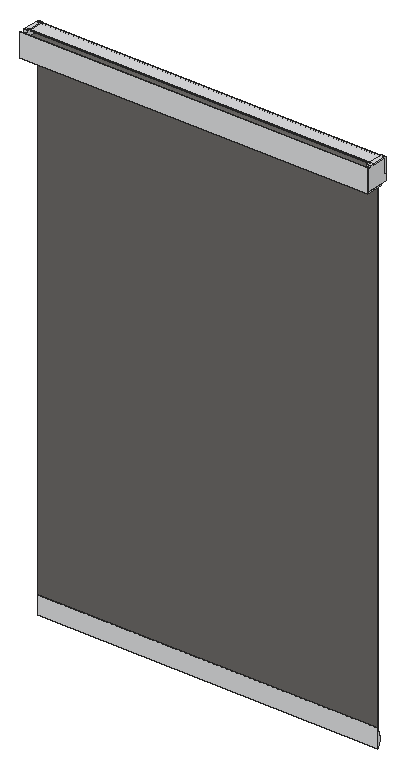
Revit family "Shades-Hunter_Douglas-RB500-Single_Standard_Duty-Auto-Bracket_Fascia-3in", category Specialty Equipment, Revit 2025
Family settings
  Round Connector Dimension = Use Diameter
  Part Type = Normal
  OmniClass Number = 23.30.60.14
  OmniClass Title = Interior Window Treatment
  Work Plane-Based = No
  Enable Cutting in Views = No
  Always vertical = Yes
  Cut with Voids When Loaded = No
  Maintain Annotation Orientation = No
  Shared = No
  Room Calculation Point = No
Parameters (values of type "Automated")
  URL = "https://www.hunterdouglasarchitectural.com/"
  Type Comments = "Roller Shade"  # constant formula
  Model = "Standard Duty Automated 3IN Bracket Fascia"  # constant formula
  Manufacturer = "Hunter Douglas Architectural"  # constant formula
  Description = "Standard Duty Automated Roller Shade"  # constant formula
  Default Elevation = 0' - 0"
  CD_Width [instance] = 4' - 0"
  CD_Warranty = "https://assets.hunterdouglasarchitectural.com/documents/RB500/Lifetime_Guarantee_HDA.pdf?_rand=1465740819000"
  CD_Product Page URL = "https://www.hunterdouglasarchitectural.com/windowcoverings/rollershades/RB500/index.jsp"
  CD_Product Name = "RB 500 Roller Shade System"  # constant formula
  CD_Product Documentation Link = "https://www.hunterdouglasarchitectural.com/windowcoverings/rollershades/RB500/index.jsp#cadDrawing"
  CD_Opening Percentage [instance] = 25
  CD_Microsite = "https://microsite.caddetails.com/1669"
  CD_Install Documentation = "https://www.hunterdouglasarchitectural.com/windowcoverings/rollershades/RB500/index.jsp#installationPage"
  CD_Height Opening [instance] = ((CD_Height - CD_Bracket Height - 0' 1 101/256") * CD_Opening Percentage) / 100  # 1' - 10.82324"
  CD_Height [instance] = 8' - 0"
  CD_Finish Rail = Metal-Hunter_Douglas-Aluminum
  CD_Finish Frame = Metal-Hunter_Douglas-Aluminum
  CD_Finish = Fabric-Shade-Hunter_Douglas-5%-E_Screen-Charcoal_Cocoa
  CD_Fabric Sizing Disclaimer = "Designer to verify maximum fabric size with Manufacturer as the maximum fabric size is dependent on finished dimensions"  # constant formula
  CD_Bracket Height = 0' - 3 5/16"  # constant formula
  CD_Bracket Depth = 0' - 3 9/64"  # constant formula
  Assembly Code = "E2010300"
Reference planes (in)
  plane 1 "Center (Front/Back)": y = -0.11638
  plane 2 "Bottom": z = 0
  plane 3 "Center (Left/Right)": x = 0
  plane 4 "Top": z = 96
  plane 5 "Left": x = -24
  plane 6 "Right": x = 24
  plane 7 "Back": y = 1.57031
  plane 8 "Front": y = -1.57031
  plane 9 "Opening": z = 22.82324
  plane 10 "Head Height": z = 92.6875
  plane 11 "Shade Left": x = -23.44922
  plane 12 "Shade Right": x = 23.44922
  plane 13 "Blind Location": y = 0.87669
  plane 14 "Center (Elevation)": z = 94.26439
Forms (in)
  Extrusion 1, solid, material "Fabric-Shade-Hunter_Douglas-5%-E_Screen-Charcoal_Cocoa" <- "CD_Finish"
    sketch origin (0, -0.16063, 0) x (0, 1, 0) y (0, 0, 1)
      loop
        line (1.05481, 22.82324) -> (1.05481, 93.46875) -> (1.01983, 93.46875) -> (1.01983, 22.82324) -> (1.05481, 22.82324)
    from -23.44922 to 23.44922
  Extrusion 2, solid, material "Metal-Hunter_Douglas-Aluminum" <- "CD_Finish Frame", detail levels medium+fine
    sketch origin (0, 0, 0) x (0, 1, 0) y (0, 0, 1)
      loop
        arc (0.76815, 92.68635) -> (0.81413, 92.70906) -> (0.82405, 92.75937) r 0.05791
        line (0.82405, 92.75937) -> (-1.4994, 92.75937) -> (-1.4994, 95.87162) -> (-1.57031, 95.87162) -> (-1.57031, 92.68635) -> (0.76815, 92.68635)
    from -24 to 24
  Extrusion 3, solid, material "Metal-Hunter_Douglas-Aluminum" <- "CD_Finish Rail", detail levels fine
    sketch origin (0, 0, 0) x (0, 1, 0) y (0, 0, 1)
      loop
        line (1.17747, 24.10476) -> (0.90969, 25.12333) -> (0.90969, 25.4029) -> (0.84719, 25.4029) -> (0.84719, 22.82324) -> (0.97085, 22.82324) -> (1.17642, 23.59226)
        arc (1.17642, 23.59226) -> (1.21033, 23.84844) -> (1.17747, 24.10476) r 1
    from -23.44922 to 23.44922
  Extrusion 4, solid, material "Fabric-Shade-Hunter_Douglas-5%-E_Screen-Charcoal_Cocoa" <- "CD_Finish"
    sketch origin (0, -0.16063, 0) x (0, 1, 0) y (0, 0, 1)
      loop
        arc (1.05481, 94.41593) -> (-0.97481, 94.3412) -> (1.01983, 93.95861) r 1.02203
        line (1.01983, 93.95861) -> (1.01983, 92.41406) -> (1.05481, 92.41406) -> (1.05481, 94.41593)
    from -23.44922 to 23.44922
  Extrusion 5, solid, material "Metal-Hunter_Douglas-Aluminum" <- "CD_Finish Frame", detail levels medium+fine
    sketch origin (0, 0, 0) x (0, 1, 0) y (0, 0, 1)
      loop
        line (1.49031, 95.77162) -> (1.49031, 93.95162) -> (1.57031, 93.95162) -> (1.57031, 95.80162)
        arc (1.57031, 95.80162) -> (1.52638, 95.90768) -> (1.42031, 95.95162) r 0.15
        line (1.42031, 95.95162) -> (-0.54607, 95.95162) -> (-0.54607, 95.87162) -> (1.39031, 95.87162)
        arc (1.39031, 95.87162) -> (1.46102, 95.84233) -> (1.49031, 95.77162) r 0.1
    from -24 to 24
  Extrusion 6, solid, material "Metal-Hunter_Douglas-Aluminum" <- "CD_Finish Frame", detail levels medium+fine
    sketch origin (0, 0, 0) x (0, 1, 0) y (0, 0, 1)
      loop
        line (1.57031, 92.95162) -> (1.57031, 95.95162) -> (-0.92969, 95.95162) -> (-0.92969, 95.64988) -> (-1.42969, 95.56173) -> (-1.42969, 92.95162) -> (1.57031, 92.95162)
    from 23.44922 to 24
  Extrusion 7, solid, material "Metal-Hunter_Douglas-Aluminum" <- "CD_Finish Frame", detail levels coarse
    sketch origin (0, 0, 0) x (0, 1, 0) y (0, 0, 1)
      loop
        line (1.57031, 95.95162) -> (-1.57031, 95.95162) -> (-1.57031, 92.68635) -> (1.57031, 92.68635) -> (1.57031, 95.95162)
    from -24 to 24
  Extrusion 8, solid, material "Metal-Hunter_Douglas-Aluminum" <- "CD_Finish Frame", detail levels medium+fine
    sketch origin (-25.5, 0, 0) x (0, 1, 0) y (0, 0, 1)
      loop
        line (1.57031, 92.95162) -> (1.57031, 95.95162) -> (-0.92969, 95.95162) -> (-0.92969, 95.64988) -> (-1.42969, 95.56173) -> (-1.42969, 92.95162) -> (1.57031, 92.95162)
    from 1.5 to 2.05078
Cuts and joins
  joined: Extrusion 1, Extrusion 4
Dimensions and locks (in)
  "CD_Height": plane 4 "Top" to plane 2 "Bottom"
  equal spacing: plane 5 "Left", plane 3 "Center (Left/Right)", plane 6 "Right"
  "CD_Width": plane 5 "Left" to plane 6 "Right"
  locked: plane 8 "Front" to plane 1 "Center (Front/Back)" at 1.45393
  "CD_Bracket Depth": plane 8 "Front" to plane 7 "Back"
  locked: Extrusion 1 sketch curve to plane 10 "Head Height" at 0.78125
  Extrusion 1 sketch curve to plane 13 "Blind Location" to Extrusion 1 sketch curve = 0' - 0.01749" locked, 0' - 0.01749" locked
  locked: plane 5 "Left" to plane 11 "Shade Left" at 0.55078
  locked: plane 12 "Shade Right" to plane 6 "Right" at 0.55078
  "CD_Height Opening": plane 9 "Opening" to level
  "CD_Bracket Height": plane 4 "Top" to plane 10 "Head Height"
  Extrusion 3 sketch curve to Extrusion 3 sketch curve to Extrusion 3 sketch curve to Extrusion 3 sketch curve to plane 9 "Opening" to Extrusion 3 sketch curve = 0' - 0.27957" locked, 0' - 1.01857" locked, 0' - 0.51251" locked, 0' - 0.76901" locked, 0' - 0" locked
  Extrusion 3 sketch curve to Extrusion 3 sketch curve to Extrusion 3 sketch curve to Extrusion 3 sketch curve to Extrusion 3 sketch curve to plane 13 "Blind Location" to Extrusion 3 sketch curve = 0' - 0.03287" locked, 0' - 0.00105" locked, 0' - 0.20556" locked, 0' - 0.06117" locked, 0' - 0.03299" locked, 0' - 0.02951" locked
  Extrusion 4 sketch curve to Extrusion 4 sketch curve to Extrusion 4 sketch curve to plane 4 "Top" = 0' - 2.00187" locked, 0' - 0.86934" locked, 0' - 0.71473" locked
  plane 7 "Back" to Extrusion 4 sketch curve to Extrusion 4 sketch curve to Extrusion 4 sketch curve to Extrusion 4 sketch curve = 0' - 0.67613" locked, 0' - 0" locked, 0' - 0.03498" locked, 0' - 1.99761" locked
  Extrusion 6 sketch curve to plane 7 "Back" to Extrusion 6 sketch curve to Extrusion 6 sketch curve = 0' - 0" locked, 0' - 2 1/2" locked, 0' - 0 1/2" locked
  plane 4 "Top" to Extrusion 6 sketch curve to Extrusion 6 sketch curve to Extrusion 6 sketch curve to Extrusion 6 sketch curve = 0' - 0.04838" locked, 0' - 0.30173" locked, 0' - 0.08816" locked, 0' - 2.61011" locked
  Extrusion 2 sketch curve to Extrusion 2 sketch curve to plane 10 "Head Height" to Extrusion 2 sketch curve = 0' - 3.11225" locked, 0' - 0.07187" locked, 0' - 0.00115" locked
  Extrusion 2 sketch curve to Extrusion 2 sketch curve to plane 8 "Front" to Extrusion 2 sketch curve = 0' - 2.32546" locked, 0' - 0.07091" locked, 0' - 0" locked
  Extrusion 8 sketch curve to plane 7 "Back" to Extrusion 8 sketch curve to Extrusion 8 sketch curve = 0' - 0" locked, 0' - 2 1/2" locked, 0' - 0 1/2" locked
  plane 4 "Top" to Extrusion 8 sketch curve to Extrusion 8 sketch curve to Extrusion 8 sketch curve to Extrusion 8 sketch curve = 0' - 0.04838" locked, 0' - 0.30173" locked, 0' - 0.08816" locked, 0' - 2.61011" locked
  locked: plane 14 "Center (Elevation)" to plane 10 "Head Height" at 1.57689
  aligned and locked: plane 2 "Bottom" to level
  aligned and locked: Extrusion 1 to plane 11 "Shade Left"
  aligned and locked: plane 12 "Shade Right" to Extrusion 1
  aligned and locked: Extrusion 1 to plane 9 "Opening"
  aligned and locked: Extrusion 2 to plane 5 "Left"
  aligned and locked: plane 6 "Right" to Extrusion 2
  aligned and locked: Extrusion 1 to Extrusion 3
  aligned and locked: Extrusion 3 to Extrusion 1
  aligned and locked: Extrusion 4 to plane 11 "Shade Left"
  aligned and locked: plane 12 "Shade Right" to Extrusion 4
  aligned and locked: Extrusion 7 sketch curve to Extrusion 6  (x2)
  aligned and locked: Extrusion 7 sketch curve to Extrusion 2  (x2)
  aligned and locked: Extrusion 7 to plane 5 "Left"
  aligned and locked: plane 6 "Right" to Extrusion 7
  aligned and locked: plane 6 "Right" to Extrusion 6
  aligned and locked: Extrusion 6 to plane 12 "Shade Right"
  aligned and locked: Extrusion 5 to plane 5 "Left"
  aligned and locked: plane 6 "Right" to Extrusion 5
  aligned and locked: Extrusion 8 to plane 5 "Left"
  aligned and locked: plane 11 "Shade Left" to Extrusion 8
Automatic sketch dimensions
  plane 9 "Opening" to Extrusion 1 sketch curve = 0' - 0"
  Extrusion 2 sketch curve to Extrusion 2 sketch curve = 0' - 0.0559"
  Extrusion 5 sketch curve to plane 7 "Back" = 0' - 0"
  plane 7 "Back" to Extrusion 5 sketch curve = 0' - 0.08"
  Extrusion 5 sketch curve to plane 4 "Top" = 0' - 0.04838"
  plane 7 "Back" to Extrusion 5 sketch curve = 0' - 0.15"
  Extrusion 5 sketch curve to Extrusion 5 sketch curve = 0' - 0.03"
  Extrusion 5 sketch curve to plane 4 "Top" = 0' - 0.12838"
  plane 1 "Center (Front/Back)" to Extrusion 5 sketch curve = 0' - 0 55/128"
  plane 10 "Head Height" to Extrusion 5 sketch curve = 0' - 1.26412"
